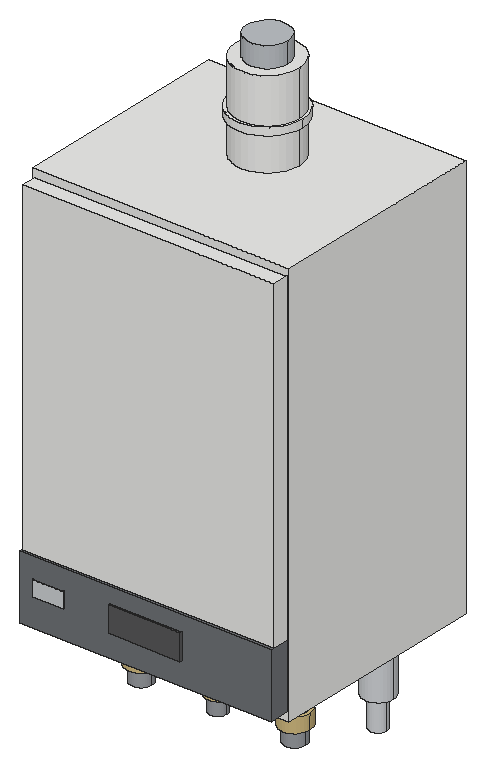
Revit family "CVC_Chaudiere_Weishaupt_WTC-GW-60-B-H", category Equipement de génie climatique, Revit 2026
Family settings
  Cote de connecteur circulaire = Utiliser le diamètre
  Type d'élément = Normal
  Basée sur le plan de construction = Non
  Toujours verticalement = Oui
  Couper avec des vides une fois chargée = Non
  Conserver l'orientation des annotations = Non
  Partagée = Non
  Repère de localisation dans la pièce = Non
Parameters (values of type "60 kW")
  Source = "CCTP lot 12 § 4.3.1 ; notice Weishaupt 83321401"
  Modèle = "WTC-GW 60-B H"
  Fabricant = "Weishaupt"
  Elévation par défaut = 0 mm
  Description = "Chaudière gaz à condensation"
  Caractéristiques CCTP = "60 kW chaud, gaz naturel, condensation ; 2 unités"
  A vérifier = "Dimensions 500x460x792 mm et raccordements à vérifier sur la notice"
Reference planes
  plane 1 "Centre (avant/arrière)": y = 0
  plane 2: z = 0
  plane 3 "Centre (gauche/droite)": x = 0
Forms (mm)
  Extrusion 1, solid, material "EHPAD_blanc"
    sketch origin (0, 0, 0) x (1, 0, 0) y (0, 1, 0)
      loop
        line (-250, -200) -> (250, -200) -> (250, 230) -> (-250, 230) -> (-250, -200)
    from 0 to 792
  Extrusion 2, solid, material "EHPAD_blanc"
    sketch origin (0, 0, 140) x (1, 0, 0) y (0, 1, 0)
      loop
        line (-245, -230) -> (245, -230) -> (245, -200) -> (-245, -200) -> (-245, -230)
    from 0 to 637
  Extrusion 3, solid, material "EHPAD_anthracite"
    sketch origin (0, 0, 15) x (1, 0, 0) y (0, 1, 0)
      loop
        line (-245, -236) -> (245, -236) -> (245, -200) -> (-245, -200) -> (-245, -236)
    from 0 to 125
  Extrusion 4, solid, material "EHPAD_noir"
    sketch origin (0, 0, 60) x (1, 0, 0) y (0, 1, 0)
      loop
        line (-70, -240) -> (70, -240) -> (70, -236) -> (-70, -236) -> (-70, -240)
    from 0 to 50
  Extrusion 5, solid, material "EHPAD_gris"
    sketch origin (0, 0, 70) x (1, 0, 0) y (0, 1, 0)
      loop
        line (-220, -237) -> (-160, -237) -> (-160, -236) -> (-220, -236) -> (-220, -237)
    from 0 to 30
  Extrusion 6, solid, material "EHPAD_acier"
    sketch origin (0, 0, 600) x (1, 0, 0) y (0, 1, 0)
      loop
        line (-200, 230) -> (200, 230) -> (200, 245) -> (-200, 245) -> (-200, 230)
    from 0 to 100
  Extrusion 7, solid, material "EHPAD_blanc"
    sketch origin (0, 60, 792) x (1, 0, 0) y (0, 1, 0)
      loop
        circle (0, 0) r 62.5
    from 0 to 170
  Extrusion 8, solid, material "EHPAD_blanc"
    sketch origin (0, 60, 860) x (1, 0, 0) y (0, 1, 0)
      loop
        circle (0, 0) r 68.5
    from 0 to 15
  Extrusion 9, solid, material "EHPAD_galva"
    sketch origin (0, 60, 962) x (1, 0, 0) y (0, 1, 0)
      loop
        circle (0, 0) r 40
    from 0 to 40
  Extrusion 10, solid, material "EHPAD_acier"
    sketch origin (-150, -60, 0) x (0, 1, 0) y (1, 0, 0)
      loop
        circle (0, 0) r 21.2
    from 0 to 130
  Extrusion 11, solid, material "EHPAD_chaud"
    sketch origin (-150, -60, -23.4) x (0, 1, 0) y (1, 0, 0)
      loop
        circle (0, 0) r 24.2
    from 0 to 18.2
  Extrusion 12, solid, material "EHPAD_laiton"
    sketch origin (-150, -60, -71.5) x (0, 1, 0) y (1, 0, 0)
      loop
        circle (0, 0) r 29.56
    from 0 to 28.6
  Extrusion 13, solid, material "EHPAD_acier"
    sketch origin (150, -60, 0) x (0, 1, 0) y (1, 0, 0)
      loop
        circle (0, 0) r 21.2
    from 0 to 130
  Extrusion 14, solid, material "EHPAD_froid"
    sketch origin (150, -60, -23.4) x (0, 1, 0) y (1, 0, 0)
      loop
        circle (0, 0) r 24.2
    from 0 to 18.2
  Extrusion 15, solid, material "EHPAD_laiton"
    sketch origin (150, -60, -71.5) x (0, 1, 0) y (1, 0, 0)
      loop
        circle (0, 0) r 29.56
    from 0 to 28.6
  Extrusion 16, solid, material "EHPAD_acier"
    sketch origin (0, -60, 0) x (0, 1, 0) y (1, 0, 0)
      loop
        circle (0, 0) r 16.85
    from 0 to 130
  Extrusion 17, solid, material "EHPAD_jaune"
    sketch origin (0, -60, -23.4) x (0, 1, 0) y (1, 0, 0)
      loop
        circle (0, 0) r 19.85
    from 0 to 18.2
  Extrusion 18, solid, material "EHPAD_laiton"
    sketch origin (0, -60, -71.5) x (0, 1, 0) y (1, 0, 0)
      loop
        circle (0, 0) r 23.905
    from 0 to 28.6
  Extrusion 19, solid, material "EHPAD_gris"
    sketch origin (200, 80, 0) x (0, 1, 0) y (1, 0, 0)
      loop
        circle (0, 0) r 30
    from 0 to 90
  Extrusion 20, solid, material "EHPAD_gris"
    sketch origin (200, 80, -90) x (0, 1, 0) y (1, 0, 0)
      loop
        circle (0, 0) r 16.85
    from 0 to 60
Dimensions and locks
  aligned and locked: level to plane 2
Connectors
  hvac at (0, 60, 962)
    settings: on Extrusion 7, index 1, duct flow 0.0 L/s, flow factor 0, pres drop 0.0 Pa, loss coef 0, conn angle 0.00°, conn width 304.8 mm, conn height 304.8 mm, conn diameter 125 mm, duct sys type 3, conn prof type 0, flow config 0, flow direction 0, loss method 0, conn ref index -1, conn util no, is conn primary yes, conn desc "Ventouse fumées / air Ø80/125"
  piping at (-150, -60, -130), diameter 32
    settings: on Extrusion 10, index 2, connector inside diameter 609.6 mm, connector length 0 mm, flow factor 0, pipe flow 0.0 L/s, pressure drop 0.0 Pa, fitting loss kfactor 0, connector angle 0.00°, fixture units 0, engagement length 0 mm, angle of deflection 0.00°, flow configuration 0, flow direction 0, fitting loss method 0, system type 7, joint type 0, gender type 0, connector reference index -1, connector utility 0, adjustable connector no, is connector primary yes, connector description "Départ chauffage"
  piping at (150, -60, -130), diameter 32
    settings: on Extrusion 13, index 3, connector inside diameter 609.6 mm, connector length 0 mm, flow factor 0, pipe flow 0.0 L/s, pressure drop 0.0 Pa, fitting loss kfactor 0, connector angle 0.00°, fixture units 0, engagement length 0 mm, angle of deflection 0.00°, flow configuration 0, flow direction 0, fitting loss method 0, system type 8, joint type 0, gender type 0, connector reference index -1, connector utility 0, adjustable connector no, is connector primary no, connector description "Retour chauffage"
  piping at (0, -60, -130), diameter 25
    settings: on Extrusion 16, index 4, connector inside diameter 609.6 mm, connector length 0 mm, flow factor 0, pipe flow 0.0 L/s, pressure drop 0.0 Pa, fitting loss kfactor 0, connector angle 0.00°, fixture units 0, engagement length 0 mm, angle of deflection 0.00°, flow configuration 0, flow direction 0, fitting loss method 0, system type 22, joint type 0, gender type 0, connector reference index -1, connector utility 0, adjustable connector no, is connector primary no, connector description "Gaz naturel"
  piping at (200, 80, -150), diameter 25
    settings: on Extrusion 20, index 5, connector inside diameter 609.6 mm, connector length 0 mm, flow factor 0, pipe flow 0.0 L/s, pressure drop 0.0 Pa, fitting loss kfactor 0, connector angle 0.00°, fixture units 0, engagement length 0 mm, angle of deflection 0.00°, flow configuration 0, flow direction 0, fitting loss method 0, system type 16, joint type 0, gender type 0, connector reference index -1, connector utility 0, adjustable connector no, is connector primary no, connector description "Condensats (siphon)"
